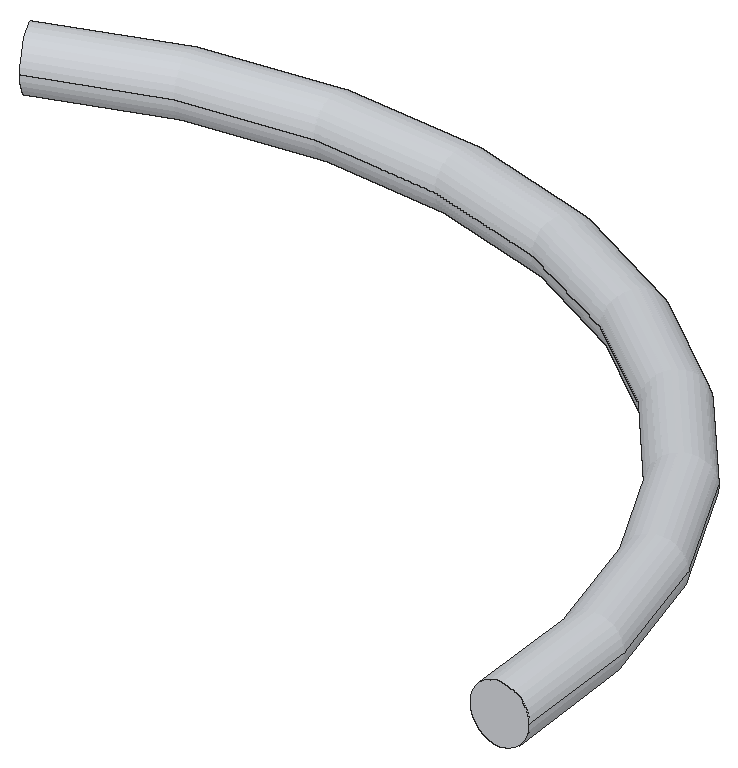
Revit family "Family-PipeFitting-Elbow", category Pipe Fittings, Revit 2023
Family settings
  Round Connector Dimension = Use Diameter
  Part Type = Elbow
  Work Plane-Based = No
  Always vertical = Yes
  Cut with Voids When Loaded = No
  Shared = No
Parameters
  円脈長さ [instance] = (pi() * (Radius) * (Angle)) / 180.00°  # 2269.852 mm
  Radius [instance] = 1120 mm
  Diameter [instance] = 100 mm
  Default Elevation = 0 mm
  Angle [instance] = 116.119°
Reference planes
  plane 1 "Center (Front/Back)": y = 0
  plane 2: z = 0
  plane 3 "Center (Left/Right)": x = 0
Forms (mm)
  Sweep 1, solid
    path origin (0, 0, 0) x (1, 0, 0) y (0, 1, 0)
      loop
        arc (1120, 0) -> (592.526, 950.428) -> (-493.06, 1005.63) r 1120
    profile origin (592.526, 950.428, 0) x (-0.529041, -0.848596, 0) y (0, 0, 1)
      loop
        circle (0, 0) r 50
Dimensions and locks
  "Radius": radius of Sweep 1 sketch curve
  "Diameter": diameter of Sweep 1 sketch curve
  "Angle": angle Sweep 1 sketch curve to Sweep 1 sketch curve
  aligned and locked: level to plane 2
  aligned and locked: plane 1 "Center (Front/Back)" to Sweep 1 sketch curve
Automatic sketch dimensions
  Sweep 1 sketch curve to plane 3 "Center (Left/Right)" = 0 mm
  level to Sweep 1 sketch curve = 0 mm
  Sweep 1 sketch curve to profile plane = 0 mm
Connectors
  piping at (1120, 0, 0), diameter 100, driven by "Diameter"
    settings: on Sweep 1, index 1, connector inside diameter 609.6 mm, connector length 0 mm, flow factor 0, pipe flow 0.0 L/s, pressure drop 0.0 Pa, fitting loss kfactor 0, connector angle 0.00°, fixture units 0, engagement length 0 mm, angle of deflection 0.00°, flow configuration 0, flow direction 0, fitting loss method 0, system type 7, joint type 0, gender type 0, connector reference index -1, connector utility 0, adjustable connector no, is connector primary yes, connector description ""
  piping at (-493.06, 1005.63, 0), diameter 100, driven by "Diameter"
    settings: on Sweep 1, index 2, connector inside diameter 609.6 mm, connector length 0 mm, flow factor 0, pipe flow 0.0 L/s, pressure drop 0.0 Pa, fitting loss kfactor 0, connector angle 0.00°, fixture units 0, engagement length 0 mm, angle of deflection 0.00°, flow configuration 0, flow direction 0, fitting loss method 0, system type 7, joint type 0, gender type 0, connector reference index -1, connector utility 0, adjustable connector no, is connector primary no, connector description ""
